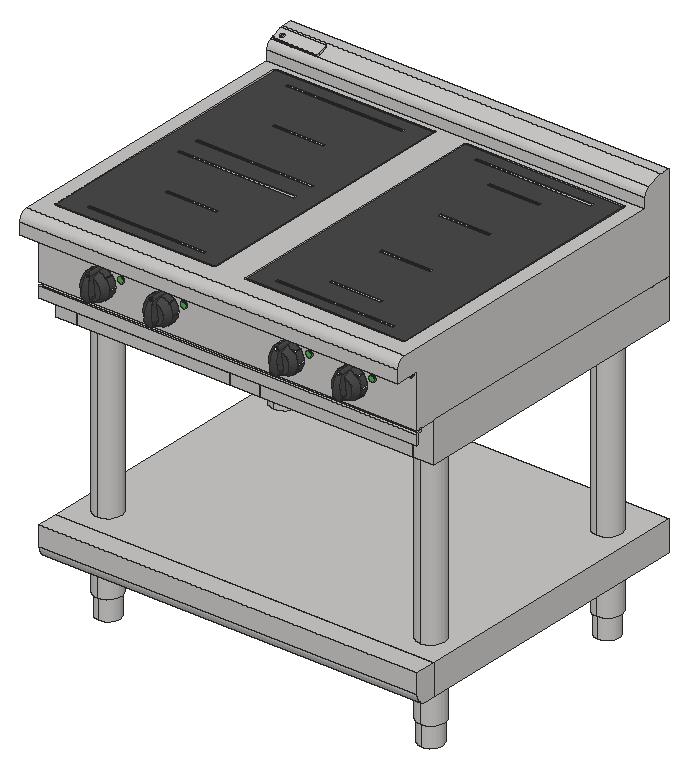
Revit family "QF_Moffat_INL8400R5F-LS_Induction Cooktop_cat", category Specialty Equipment, Revit 2019
Family settings
  Round Connector Dimension = Use Diameter
  Part Type = Normal
  Work Plane-Based = No
  Always vertical = Yes
  Cut with Voids When Loaded = No
  Shared = No
  Room Calculation Point = No
Parameters (values of type "IN511F-B")
  Weight in Kilograms = 105
  Watts = 20 W
  Volts = 400 V
  URL Cutsheet = ""
  Specification by User = ""
  Specification by Manufacturer = ""
  Show Logo [instance] = yes
  Serial Number = ""
  Seismic Rating = ""
  SMACNA No = ""
  Revision Code = ""
  Phase = 3
  Number of Poles = 1
  NAFEM Spec ID Number = ""
  Model = "INL8400R5F-LS"
  Min Ckt Ampacity = 0 A
  Max Overcurrent Protection = 0 A
  Masterspec = ""
  Manufacturer = "Moffat"
  Length = 900 mm
  Item Number = ""
  Installed By = ""
  Identify Quantity as Lot = yes
  Height = 970 mm
  HP = ""
  Furnished By = ""
  Foodservice Equipment Identifier = yes
  FL Amps = 28 A
  Electrical Remarks = ""
  Electric Connection Type = ""
  Elec Conn RI Height = 0 mm
  Elec Conn Connection Height = 0 mm
  Description = "Induction Cooktop"
  Depth = 805 mm
  Cycle = 50 Hz
  Conn Plug = ""
  Conn Conduit = yes
  CSI MasterFormat = ""
  Apparent Power = if(Phase = 3, Volts * FL Amps * 1.73, Volts * FL Amps)  # 19376 VA
Reference planes
  plane 1 "BACK": y = 0
  plane 2: z = 0
  plane 3 "LEFT": x = 0
  plane 4 "RIGHT": x = 900
  plane 5 "FRONT": y = -805
  plane 6 "TOP": z = 970
  plane 7 "Center Y": x = 450
  plane 8 "Center X": y = -402.5
  plane 9: x = 65.5
  plane 10: x = 834.5
  plane 11: y = -30
  plane 12: z = 150
  plane 13: y = -100
  plane 14: y = -625
  plane 15: y = -70
  plane 16: z = 915
  plane 17: x = 770
Forms (mm)
  Extrusion 1, solid, material "QF_Metal_Stainless_Polished"
    sketch origin (0, 0, 560) x (0, 1, 0) y (0, 0, 1)
      loop
        line (0, 180) -> (0, 410) -> (-24.305, 410) -> (-57.632, 395.853)
        arc (-57.632, 395.853) -> (-66.628, 388.372) -> (-70, 377.167) r 20.3
        line (-70, 377.167) -> (-70, 355) -> (-784.417, 355)
        arc (-784.417, 355) -> (-798.971, 348.971) -> (-805, 334.417) r 20.583
        line (-805, 334.417) -> (-805, 305) -> (-749, 305) -> (-749, 180) -> (0, 180)
    from 0 to 900
  Extrusion 2, void
    sketch origin (0, -784.171, 915) x (0, 1, 0) y (-1, 0, 0)
      loop
        arc (699.341, -37.323) -> (697.584, -33.08) -> (693.341, -31.323) r 6
        line (693.341, -31.323) -> (45.245, -31.323)
        arc (45.245, -31.323) -> (41.002, -33.08) -> (39.245, -37.323) r 6
        line (39.245, -37.323) -> (39.245, -410.105)
        arc (39.245, -410.105) -> (41.002, -414.347) -> (45.245, -416.105) r 6
        line (45.245, -416.105) -> (693.341, -416.105)
        arc (693.341, -416.105) -> (697.584, -414.347) -> (699.341, -410.105) r 6
        line (699.341, -410.105) -> (699.341, -37.323)
      loop
        line (699.341, -862.677) -> (699.341, -489.895)
        arc (699.341, -489.895) -> (697.584, -485.653) -> (693.341, -483.895) r 6
        line (693.341, -483.895) -> (45.245, -483.895)
        arc (45.245, -483.895) -> (41.002, -485.653) -> (39.245, -489.895) r 6
        line (39.245, -489.895) -> (39.245, -862.677)
        arc (39.245, -862.677) -> (41.002, -866.92) -> (45.245, -868.677) r 6
        line (45.245, -868.677) -> (693.341, -868.677)
        arc (693.341, -868.677) -> (697.584, -866.92) -> (699.341, -862.677) r 6
    from 0 to -9.5
  Extrusion 3, solid, material "QF_Plastic_Black_Smooth"
    sketch origin (0, -784.171, 915) x (0, 1, 0) y (-1, 0, 0)
      loop
        line (695.341, -410.105) -> (695.341, -37.323)
        arc (695.341, -37.323) -> (694.755, -35.908) -> (693.341, -35.323) r 2
        line (693.341, -35.323) -> (45.245, -35.323)
        arc (45.245, -35.323) -> (43.831, -35.908) -> (43.245, -37.323) r 2
        line (43.245, -37.323) -> (43.245, -410.105)
        arc (43.245, -410.105) -> (43.831, -411.519) -> (45.245, -412.105) r 2
        line (45.245, -412.105) -> (693.341, -412.105)
        arc (693.341, -412.105) -> (694.755, -411.519) -> (695.341, -410.105) r 2
      loop
        line (667.194, -86.598) -> (661.194, -86.598) -> (661.194, -363.75) -> (667.194, -363.75) -> (667.194, -86.598)
      loop
        line (526.611, -163.924) -> (526.611, -283.924) -> (532.611, -283.924) -> (532.611, -163.924) -> (526.611, -163.924)
      loop
        line (398.444, -86.598) -> (392.444, -86.598) -> (392.444, -363.75) -> (398.444, -363.75) -> (398.444, -86.598)
      loop
        line (345.944, -86.598) -> (339.944, -86.598) -> (339.944, -363.75) -> (345.944, -363.75) -> (345.944, -86.598)
      loop
        line (206.611, -163.924) -> (206.611, -283.924) -> (212.611, -283.924) -> (212.611, -163.924) -> (206.611, -163.924)
      loop
        line (77.194, -86.598) -> (71.194, -86.598) -> (71.194, -363.75) -> (77.194, -363.75) -> (77.194, -86.598)
      loop
        arc (695.341, -489.895) -> (694.755, -488.481) -> (693.341, -487.895) r 2
        line (693.341, -487.895) -> (45.245, -487.895)
        arc (45.245, -487.895) -> (43.831, -488.481) -> (43.245, -489.895) r 2
        line (43.245, -489.895) -> (43.245, -862.677)
        arc (43.245, -862.677) -> (43.831, -864.092) -> (45.245, -864.677) r 2
        line (45.245, -864.677) -> (693.341, -864.677)
        arc (693.341, -864.677) -> (694.755, -864.092) -> (695.341, -862.677) r 2
        line (695.341, -862.677) -> (695.341, -489.895)
      loop
        line (667.194, -813.402) -> (667.194, -536.25) -> (661.194, -536.25) -> (661.194, -813.402) -> (667.194, -813.402)
      loop
        line (601.611, -736.076) -> (607.611, -736.076) -> (607.611, -616.076) -> (601.611, -616.076) -> (601.611, -736.076)
      loop
        line (279.111, -736.076) -> (285.111, -736.076) -> (285.111, -616.076) -> (279.111, -616.076) -> (279.111, -736.076)
      loop
        line (77.194, -813.402) -> (77.194, -536.25) -> (71.194, -536.25) -> (71.194, -813.402) -> (77.194, -813.402)
      loop
        line (454.501, -736.076) -> (460.501, -736.076) -> (460.501, -616.076) -> (454.501, -616.076) -> (454.501, -736.076)
      loop
        line (131.211, -736.076) -> (137.211, -736.076) -> (137.211, -616.076) -> (131.211, -616.076) -> (131.211, -736.076)
    from 0 to -9.5
  Extrusion 4, solid, material "QF_Metal_Stainless_Polished"
    sketch origin (0, 0, 600) x (0, 1, 0) y (0, 0, 1)
      loop
        line (-739.467, 140) -> (-738.192, 134.838)
        arc (-738.192, 134.838) -> (-738.307, 134.302) -> (-738.799, 134.063) r 0.625
        line (-738.799, 134.063) -> (-746.111, 134.063)
        arc (-746.111, 134.063) -> (-748.011, 133.276) -> (-748.797, 131.377) r 2.686
        line (-748.797, 131.377) -> (-748.797, 107.627) -> (-747.197, 107.627) -> (-747.197, 131.242)
        arc (-747.197, 131.242) -> (-746.84, 132.105) -> (-745.976, 132.463) r 1.221
        line (-745.976, 132.463) -> (-738.755, 132.463)
        arc (-738.755, 132.463) -> (-737.028, 133.304) -> (-736.625, 135.182) r 2.194
        line (-736.625, 135.182) -> (-737.815, 140) -> (-739.467, 140)
    from 0 to 900
  Extrusion 5, solid, material "QF_Plastic_Black_Smooth"
    sketch origin (0, -749, 741.875) x (0, 0, 1) y (-1, 0, 0)
      loop
        circle (112.843, -13.157) r 5
      loop
        circle (112.843, -886.843) r 5
    from 0 to 1.6
  Extrusion 6, solid, material "QF_Metal_Stainless_Polished"
    sketch origin (450, -699, 645) x (0, 1, 0) y (1, 0, 0)
      loop
        circle (669, 320) r 6.35
    from 0 to 10
  Extrusion 7, solid, material "QF_Metal_Stainless_Polished"
    sketch origin (0, -699, 645) x (1, 0, 0) y (0, -1, 0)
      loop
        line (0, -699) -> (900, -699) -> (900, 0) -> (849.2, 0) -> (849.2, -25.4) -> (485.8, -25.4) -> (485.8, 0) -> (414.2, 0) -> (414.2, -25.4) -> (50.8, -25.4) -> (50.8, 0) -> (0, 0) -> (0, -699)
    from 0 to -95
  Extrusion 8, solid, material "QF_Metal_Stainless_Polished"
    sketch origin (50.8, -30, 645) x (0, 1, 0) y (0, 0, 1)
      loop
        line (-669, 0) -> (-643.6, 0) -> (-643.6, 26.45) -> (-669, 26.45) -> (-669, 0)
      loop
        line (-669, 32.45) -> (-643.6, 32.45) -> (-643.6, 66.4) -> (-669, 66.4) -> (-669, 32.45)
      loop
        line (-669, 67.4) -> (-643.6, 67.4) -> (-643.6, 95) -> (-669, 95) -> (-669, 67.4)
    from 0 to 363.4
  Extrusion 9, solid, material "QF_Metal_Stainless_Polished"
    sketch origin (900, 0, 560) x (-1, 0, 0) y (0, -1, 0)
      loop
        line (536.25, 122.976) -> (536.25, 116.976) -> (813.402, 116.976) -> (813.402, 122.976) -> (536.25, 122.976)
      loop
        line (736.076, 251.56) -> (736.076, 257.56) -> (616.076, 257.56) -> (616.076, 251.56) -> (736.076, 251.56)
      loop
        line (813.402, 385.726) -> (813.402, 391.726) -> (536.25, 391.726) -> (536.25, 385.726) -> (813.402, 385.726)
      loop
        line (813.402, 438.226) -> (813.402, 444.226) -> (536.25, 444.226) -> (536.25, 438.226) -> (813.402, 438.226)
      loop
        line (736.076, 571.56) -> (736.076, 577.56) -> (616.076, 577.56) -> (616.076, 571.56) -> (736.076, 571.56)
      loop
        line (536.25, 712.976) -> (536.25, 706.976) -> (813.402, 706.976) -> (813.402, 712.976) -> (536.25, 712.976)
      loop
        line (86.598, 712.976) -> (86.598, 706.976) -> (363.75, 706.976) -> (363.75, 712.976) -> (86.598, 712.976)
      loop
        line (163.924, 652.959) -> (163.924, 646.959) -> (283.924, 646.959) -> (283.924, 652.959) -> (163.924, 652.959)
      loop
        line (163.924, 505.06) -> (163.924, 499.06) -> (283.924, 499.06) -> (283.924, 505.06) -> (163.924, 505.06)
      loop
        line (163.924, 329.669) -> (163.924, 323.669) -> (283.924, 323.669) -> (283.924, 329.669) -> (163.924, 329.669)
      loop
        line (163.924, 182.56) -> (163.924, 176.56) -> (283.924, 176.56) -> (283.924, 182.56) -> (163.924, 182.56)
      loop
        line (86.598, 122.976) -> (86.598, 116.976) -> (363.75, 116.976) -> (363.75, 122.976) -> (86.598, 122.976)
    from 355 to 345.5
  Extrusion 10, solid, material "QF_Paint_Green"
    sketch origin (63.231, -748.999, 713.75) x (0, 0, 1) y (-1, 0, 0)
      loop
        circle (100.3, -282.5) r 7.15
    from 0 to 1.6
  Extrusion 11, solid, material "QF_Plastic_Black_Smooth"
    sketch origin (75, -748.999, 725.625) x (0, 0, 1) y (-1, 0, 0)
      loop
        circle (112.843, -225) r 5
    from 0 to 1.6
  Extrusion 12, solid, material "QF_Paint_Green"
    sketch origin (-86.769, -748.999, 713.75) x (0, 0, 1) y (-1, 0, 0)
      loop
        circle (100.3, -282.5) r 7.15
    from 0 to 1.6
  Extrusion 13, solid, material "QF_Plastic_Black_Smooth"
    sketch origin (-75, -748.999, 725.625) x (0, 0, 1) y (-1, 0, 0)
      loop
        circle (112.843, -225) r 5
    from 0 to 1.6
  Extrusion 14, solid, material "QF_Paint_Green"
    sketch origin (511.981, -748.999, 713.75) x (0, 0, 1) y (-1, 0, 0)
      loop
        circle (100.3, -282.5) r 7.15
    from 0 to 1.6
  Extrusion 15, solid, material "QF_Plastic_Black_Smooth"
    sketch origin (523.75, -748.999, 725.625) x (0, 0, 1) y (-1, 0, 0)
      loop
        circle (112.843, -225) r 5
    from 0 to 1.6
  Extrusion 16, solid, material "QF_Paint_Green"
    sketch origin (361.981, -748.999, 713.75) x (0, 0, 1) y (-1, 0, 0)
      loop
        circle (100.3, -282.5) r 7.15
    from 0 to 1.6
  Extrusion 17, solid, material "QF_Plastic_Black_Smooth"
    sketch origin (373.75, -748.999, 725.625) x (0, 0, 1) y (-1, 0, 0)
      loop
        circle (112.843, -225) r 5
    from 0 to 1.6
  Extrusion 18, solid, material "QF_Metal_Stainless_Polished"
    sketch origin (849.2, -30, 645) x (0, 1, 0) y (0, 0, -1)
      loop
        line (-669, 0) -> (-669, -26.45) -> (-643.6, -26.45) -> (-643.6, 0) -> (-669, 0)
      loop
        line (-669, -32.45) -> (-669, -66.4) -> (-643.6, -66.4) -> (-643.6, -32.45) -> (-669, -32.45)
      loop
        line (-669, -67.4) -> (-669, -95) -> (-643.6, -95) -> (-643.6, -67.4) -> (-669, -67.4)
    from 0 to 363.4
Cuts and joins
  Extrusion 2 cuts Extrusion 1
Lines and regions (mm)
  symbolic lines
    curve 1: line (0, 0, 0) -> (900, 0, 0)
    curve 2: line (0, -805, 0) -> (0, 0, 0)
    curve 3: line (900, -805, 0) -> (0, -805, 0)
    curve 4: line (900, 0, 0) -> (900, -805, 0)
    curve 5: line (0, -18.182, 0) -> (900, -18.182, 0)
    curve 6: line (0, -70, 0) -> (450, -70, 0)
    curve 7: line (37.323, -84.83, 0) -> (410.105, -84.83, 0)
    curve 8: arc (410.105, -84.83, 0) -> (414.347, -86.587, 0) -> (416.105, -90.83, 0) r 6
    curve 9: line (416.105, -90.83, 0) -> (416.105, -738.926, 0)
    curve 10: arc (416.105, -738.926, 0) -> (414.347, -743.168, 0) -> (410.105, -744.926, 0) r 6
    curve 11: line (410.105, -744.926, 0) -> (37.323, -744.926, 0)
    curve 12: arc (37.323, -744.926, 0) -> (33.08, -743.168, 0) -> (31.323, -738.926, 0) r 6
    curve 13: line (31.323, -738.926, 0) -> (31.323, -90.83, 0)
    curve 14: arc (31.323, -90.83, 0) -> (33.08, -86.587, 0) -> (37.323, -84.83, 0) r 6
    curve 15: line (410.105, -88.83, 0) -> (37.323, -88.83, 0)
    curve 16: arc (37.323, -88.83, 0) -> (35.908, -89.415, 0) -> (35.323, -90.83, 0) r 2
    curve 17: line (35.323, -90.83, 0) -> (35.323, -738.926, 0)
    curve 18: arc (35.323, -738.926, 0) -> (35.908, -740.34, 0) -> (37.323, -740.926, 0) r 2
    curve 19: line (37.323, -740.926, 0) -> (410.105, -740.926, 0)
    curve 20: arc (410.105, -740.926, 0) -> (411.519, -740.34, 0) -> (412.105, -738.926, 0) r 2
    curve 21: line (412.105, -738.926, 0) -> (412.105, -90.83, 0)
    curve 22: arc (412.105, -90.83, 0) -> (411.519, -89.415, 0) -> (410.105, -88.83, 0) r 2
    curve 23: line (416.105, -738.926, 0) -> (416.105, -90.83, 0)
    curve 24: line (412.105, -90.83, 0) -> (412.105, -738.926, 0)
    curve 25: line (862.677, -84.83, 0) -> (489.895, -84.83, 0)
    curve 26: arc (489.895, -84.83, 0) -> (485.653, -86.587, 0) -> (483.895, -90.83, 0) r 6
    curve 27: arc (483.895, -738.926, 0) -> (485.653, -743.168, 0) -> (489.895, -744.926, 0) r 6
    curve 28: line (489.895, -744.926, 0) -> (862.677, -744.926, 0)
    curve 29: arc (862.677, -744.926, 0) -> (866.92, -743.168, 0) -> (868.677, -738.926, 0) r 6
    curve 30: line (868.677, -738.926, 0) -> (868.677, -90.83, 0)
    curve 31: arc (868.677, -90.83, 0) -> (866.92, -86.587, 0) -> (862.677, -84.83, 0) r 6
    curve 32: line (489.895, -88.83, 0) -> (862.677, -88.83, 0)
    curve 33: arc (862.677, -88.83, 0) -> (864.092, -89.415, 0) -> (864.677, -90.83, 0) r 2
    curve 34: line (864.677, -90.83, 0) -> (864.677, -738.926, 0)
    curve 35: arc (864.677, -738.926, 0) -> (864.092, -740.34, 0) -> (862.677, -740.926, 0) r 2
    curve 36: line (862.677, -740.926, 0) -> (489.895, -740.926, 0)
    curve 37: arc (489.895, -740.926, 0) -> (488.481, -740.34, 0) -> (487.895, -738.926, 0) r 2
    curve 38: arc (487.895, -90.83, 0) -> (488.481, -89.415, 0) -> (489.895, -88.83, 0) r 2
    curve 39: line (487.895, -90.83, 0) -> (487.895, -738.926, 0)
    curve 40: arc (487.895, -738.926, 0) -> (488.481, -740.34, 0) -> (489.895, -740.926, 0) r 2
    curve 41: line (489.895, -740.926, 0) -> (862.677, -740.926, 0)
    curve 42: arc (862.677, -740.926, 0) -> (864.092, -740.34, 0) -> (864.677, -738.926, 0) r 2
    curve 43: line (864.677, -738.926, 0) -> (864.677, -90.83, 0)
    curve 44: arc (864.677, -90.83, 0) -> (864.092, -89.415, 0) -> (862.677, -88.83, 0) r 2
    curve 45: line (862.677, -88.83, 0) -> (489.895, -88.83, 0)
    curve 46: arc (489.895, -88.83, 0) -> (488.481, -89.415, 0) -> (487.895, -90.83, 0) r 2
    curve 47: line (483.895, -90.83, 0) -> (483.895, -738.926, 0)
    curve 48: arc (483.895, -738.926, 0) -> (485.653, -743.168, 0) -> (489.895, -744.926, 0) r 6
    curve 49: line (489.895, -744.926, 0) -> (862.677, -744.926, 0)
    curve 50: arc (862.677, -744.926, 0) -> (866.92, -743.168, 0) -> (868.677, -738.926, 0) r 6
    curve 51: line (868.677, -738.926, 0) -> (868.677, -90.83, 0)
    curve 52: arc (868.677, -90.83, 0) -> (866.92, -86.587, 0) -> (862.677, -84.83, 0) r 6
    curve 53: line (862.677, -84.83, 0) -> (489.895, -84.83, 0)
    curve 54: arc (489.895, -84.83, 0) -> (485.653, -86.587, 0) -> (483.895, -90.83, 0) r 6
    curve 55: line (86.598, -122.976, 0) -> (363.75, -122.976, 0)
    curve 56: line (363.75, -122.976, 0) -> (363.75, -116.976, 0)
    curve 57: line (363.75, -116.976, 0) -> (86.598, -116.976, 0)
    curve 58: line (86.598, -116.976, 0) -> (86.598, -122.976, 0)
    curve 59: line (283.924, -251.56, 0) -> (163.924, -251.56, 0)
    curve 60: line (163.924, -251.56, 0) -> (163.924, -257.56, 0)
    curve 61: line (163.924, -257.56, 0) -> (283.924, -257.56, 0)
    curve 62: line (283.924, -257.56, 0) -> (283.924, -251.56, 0)
    curve 63: line (536.25, -122.976, 0) -> (813.402, -122.976, 0)
    curve 64: line (813.402, -122.976, 0) -> (813.402, -116.976, 0)
    curve 65: line (813.402, -116.976, 0) -> (536.25, -116.976, 0)
    curve 66: line (536.25, -116.976, 0) -> (536.25, -122.976, 0)
    curve 67: line (736.076, -176.56, 0) -> (616.076, -176.56, 0)
    curve 68: line (616.076, -176.56, 0) -> (616.076, -182.56, 0)
    curve 69: line (616.076, -182.56, 0) -> (736.076, -182.56, 0)
    curve 70: line (736.076, -182.56, 0) -> (736.076, -176.56, 0)
    curve 71: line (736.076, -323.669, 0) -> (616.076, -323.669, 0)
    curve 72: line (616.076, -323.669, 0) -> (616.076, -329.669, 0)
    curve 73: line (616.076, -329.669, 0) -> (736.076, -329.669, 0)
    curve 74: line (736.076, -329.669, 0) -> (736.076, -323.669, 0)
    curve 75: line (736.076, -499.06, 0) -> (616.076, -499.06, 0)
    curve 76: line (616.076, -499.06, 0) -> (616.076, -505.06, 0)
    curve 77: line (616.076, -505.06, 0) -> (736.076, -505.06, 0)
    curve 78: line (736.076, -505.06, 0) -> (736.076, -499.06, 0)
    curve 79: line (736.076, -646.959, 0) -> (616.076, -646.959, 0)
    curve 80: line (616.076, -646.959, 0) -> (616.076, -652.959, 0)
    curve 81: line (616.076, -652.959, 0) -> (736.076, -652.959, 0)
    curve 82: line (736.076, -652.959, 0) -> (736.076, -646.959, 0)
    curve 83: line (813.402, -706.976, 0) -> (536.25, -706.976, 0)
    curve 84: line (536.25, -706.976, 0) -> (536.25, -712.976, 0)
    curve 85: line (536.25, -712.976, 0) -> (813.402, -712.976, 0)
    curve 86: line (813.402, -712.976, 0) -> (813.402, -706.976, 0)
    curve 87: line (86.598, -712.976, 0) -> (363.75, -712.976, 0)
    curve 88: line (363.75, -712.976, 0) -> (363.75, -706.976, 0)
    curve 89: line (363.75, -706.976, 0) -> (86.598, -706.976, 0)
    curve 90: line (86.598, -706.976, 0) -> (86.598, -712.976, 0)
    curve 91: line (283.924, -577.56, 0) -> (163.924, -577.56, 0)
    curve 92: line (163.924, -577.56, 0) -> (163.924, -571.56, 0)
    curve 93: line (163.924, -571.56, 0) -> (283.924, -571.56, 0)
    curve 94: line (283.924, -571.56, 0) -> (283.924, -577.56, 0)
    curve 95: line (86.598, -444.226, 0) -> (363.75, -444.226, 0)
    curve 96: line (363.75, -444.226, 0) -> (363.75, -438.226, 0)
    curve 97: line (363.75, -438.226, 0) -> (86.598, -438.226, 0)
    curve 98: line (86.598, -438.226, 0) -> (86.598, -444.226, 0)
    curve 99: line (86.598, -391.726, 0) -> (363.75, -391.726, 0)
    curve 100: line (363.75, -391.726, 0) -> (363.75, -385.726, 0)
    curve 101: line (363.75, -385.726, 0) -> (86.598, -385.726, 0)
    curve 102: line (86.598, -385.726, 0) -> (86.598, -391.726, 0)
    curve 103: line (0, 0, 560) -> (900, 0, 560)
    curve 104: line (0, -805, 560) -> (0, 0, 560)
    curve 105: line (900, -805, 560) -> (0, -805, 560)
    curve 106: line (900, 0, 560) -> (900, -805, 560)
    curve 107: line (0, -18.182, 560) -> (900, -18.182, 560)
    curve 108: line (0, -70, 560) -> (450, -70, 560)
    curve 109: line (416.105, -90.83, 560) -> (416.105, -738.926, 560)
    curve 110: line (412.105, -738.926, 560) -> (412.105, -90.83, 560)
    curve 111: line (416.105, -738.926, 560) -> (416.105, -90.83, 560)
    curve 112: line (412.105, -90.83, 560) -> (412.105, -738.926, 560)
    curve 113: line (862.677, -84.83, 560) -> (489.895, -84.83, 560)
    curve 114: arc (483.895, -738.926, 560) -> (485.653, -743.168, 560) -> (489.895, -744.926, 560) r 6
    curve 115: line (489.895, -744.926, 560) -> (862.677, -744.926, 560)
    curve 116: arc (862.677, -744.926, 560) -> (866.92, -743.168, 560) -> (868.677, -738.926, 560) r 6
    curve 117: arc (864.677, -738.926, 560) -> (864.092, -740.34, 560) -> (862.677, -740.926, 560) r 2
    curve 118: line (862.677, -740.926, 560) -> (489.895, -740.926, 560)
    curve 119: arc (489.895, -740.926, 560) -> (488.481, -740.34, 560) -> (487.895, -738.926, 560) r 2
    curve 120: arc (487.895, -738.926, 560) -> (488.481, -740.34, 560) -> (489.895, -740.926, 560) r 2
    curve 121: line (489.895, -740.926, 560) -> (862.677, -740.926, 560)
    curve 122: arc (862.677, -740.926, 560) -> (864.092, -740.34, 560) -> (864.677, -738.926, 560) r 2
    curve 123: arc (483.895, -738.926, 560) -> (485.653, -743.168, 560) -> (489.895, -744.926, 560) r 6
    curve 124: line (489.895, -744.926, 560) -> (862.677, -744.926, 560)
    curve 125: arc (862.677, -744.926, 560) -> (866.92, -743.168, 560) -> (868.677, -738.926, 560) r 6
    curve 126: line (86.598, -122.976, 560) -> (363.75, -122.976, 560)
    curve 127: line (363.75, -122.976, 560) -> (363.75, -116.976, 560)
    curve 128: line (363.75, -116.976, 560) -> (86.598, -116.976, 560)
    curve 129: line (86.598, -116.976, 560) -> (86.598, -122.976, 560)
    curve 130: line (283.924, -251.56, 560) -> (163.924, -251.56, 560)
    curve 131: line (163.924, -251.56, 560) -> (163.924, -257.56, 560)
    curve 132: line (163.924, -257.56, 560) -> (283.924, -257.56, 560)
    curve 133: line (283.924, -257.56, 560) -> (283.924, -251.56, 560)
    curve 134: line (536.25, -122.976, 560) -> (813.402, -122.976, 560)
    curve 135: line (813.402, -122.976, 560) -> (813.402, -116.976, 560)
    curve 136: line (813.402, -116.976, 560) -> (536.25, -116.976, 560)
    curve 137: line (536.25, -116.976, 560) -> (536.25, -122.976, 560)
    curve 138: line (736.076, -176.56, 560) -> (616.076, -176.56, 560)
    curve 139: line (616.076, -176.56, 560) -> (616.076, -182.56, 560)
    curve 140: line (616.076, -182.56, 560) -> (736.076, -182.56, 560)
    curve 141: line (736.076, -182.56, 560) -> (736.076, -176.56, 560)
    curve 142: line (736.076, -323.669, 560) -> (616.076, -323.669, 560)
    curve 143: line (616.076, -323.669, 560) -> (616.076, -329.669, 560)
    curve 144: line (616.076, -329.669, 560) -> (736.076, -329.669, 560)
    curve 145: line (736.076, -329.669, 560) -> (736.076, -323.669, 560)
    curve 146: line (736.076, -499.06, 560) -> (616.076, -499.06, 560)
    curve 147: line (616.076, -499.06, 560) -> (616.076, -505.06, 560)
    curve 148: line (616.076, -505.06, 560) -> (736.076, -505.06, 560)
    curve 149: line (736.076, -505.06, 560) -> (736.076, -499.06, 560)
    curve 150: line (736.076, -646.959, 560) -> (616.076, -646.959, 560)
    curve 151: line (616.076, -646.959, 560) -> (616.076, -652.959, 560)
    curve 152: line (616.076, -652.959, 560) -> (736.076, -652.959, 560)
    curve 153: line (736.076, -652.959, 560) -> (736.076, -646.959, 560)
    curve 154: line (813.402, -706.976, 560) -> (536.25, -706.976, 560)
    curve 155: line (536.25, -706.976, 560) -> (536.25, -712.976, 560)
    curve 156: line (536.25, -712.976, 560) -> (813.402, -712.976, 560)
    curve 157: line (813.402, -712.976, 560) -> (813.402, -706.976, 560)
    curve 158: line (86.598, -712.976, 560) -> (363.75, -712.976, 560)
    curve 159: line (363.75, -712.976, 560) -> (363.75, -706.976, 560)
    curve 160: line (363.75, -706.976, 560) -> (86.598, -706.976, 560)
    curve 161: line (86.598, -706.976, 560) -> (86.598, -712.976, 560)
    curve 162: line (283.924, -577.56, 560) -> (163.924, -577.56, 560)
    curve 163: line (163.924, -577.56, 560) -> (163.924, -571.56, 560)
    curve 164: line (163.924, -571.56, 560) -> (283.924, -571.56, 560)
    curve 165: line (283.924, -571.56, 560) -> (283.924, -577.56, 560)
    curve 166: line (86.598, -444.226, 560) -> (363.75, -444.226, 560)
    curve 167: line (363.75, -444.226, 560) -> (363.75, -438.226, 560)
    curve 168: line (363.75, -438.226, 560) -> (86.598, -438.226, 560)
    curve 169: line (86.598, -438.226, 560) -> (86.598, -444.226, 560)
    curve 170: line (86.598, -391.726, 560) -> (363.75, -391.726, 560)
    curve 171: line (363.75, -391.726, 560) -> (363.75, -385.726, 560)
    curve 172: line (363.75, -385.726, 560) -> (86.598, -385.726, 560)
    curve 173: line (86.598, -385.726, 560) -> (86.598, -391.726, 560)
Dimensions and locks
  equal spacing: plane 3 "LEFT", plane 7 "Center Y", plane 4 "RIGHT"
  "Length": plane 3 "LEFT" to plane 4 "RIGHT"
  equal spacing: plane 5 "FRONT", plane 8 "Center X", plane 1 "BACK"
  "Depth": plane 5 "FRONT" to plane 1 "BACK"
  "Height": plane 6 "TOP" to level
  plane 9 to plane 10 = 769 mm
  plane 4 "RIGHT" to plane 3 "LEFT" = 900 mm
  plane 6 "TOP" to plane 2 = 970 mm
  plane 1 "BACK" to plane 11 = 30 mm
  plane 1 "BACK" to plane 13 to plane 14 = 100 mm, 525 mm
  plane 1 "BACK" to plane 15 = 70 mm
  plane 16 to level = 915 mm  (x2)
  level to plane 12 = 150 mm
  plane 12 to level = 150 mm
  plane 4 "RIGHT" to plane 17 = 130 mm
  plane 1 "BACK" to plane 5 "FRONT" = 805 mm
  locked: plane 10 to plane 4 "RIGHT" at 65.5
  aligned and locked: level to plane 2
  aligned and locked: plane 7 "Center Y" to nested 1
  aligned and locked: plane 8 "Center X" to nested 1
  aligned and locked: Extrusion 18 to Extrusion 7  (x2)
Automatic sketch dimensions
  curve 8 to curve 22 = 0 mm  (x2)
  curve 10 to curve 20 = 0 mm  (x2)
  curve 12 to curve 18 = 0 mm  (x2)
  curve 14 to curve 16 = 0 mm  (x2)
  curve 26 to curve 38 = 0 mm  (x2)
  curve 26 to curve 46 = 0 mm  (x2)
  curve 26 to curve 54 = 0 mm  (x2)
  curve 27 to curve 37 = 0 mm  (x2)
  curve 27 to curve 40 = 0 mm  (x2)
  curve 27 to curve 48 = 0 mm  (x2)
  curve 29 to curve 35 = 0 mm  (x2)
  curve 29 to curve 42 = 0 mm  (x2)
  curve 29 to curve 50 = 0 mm  (x2)
  curve 31 to curve 33 = 0 mm  (x2)
  curve 31 to curve 44 = 0 mm  (x2)
  curve 31 to curve 52 = 0 mm  (x2)
  curve 33 to curve 44 = 0 mm  (x2)
  curve 33 to curve 52 = 0 mm  (x2)
  curve 35 to curve 42 = 0 mm  (x2)
  curve 35 to curve 50 = 0 mm  (x2)
  curve 37 to curve 40 = 0 mm  (x2)
  curve 37 to curve 48 = 0 mm  (x2)
  curve 38 to curve 46 = 0 mm  (x2)
  curve 38 to curve 54 = 0 mm  (x2)
  curve 40 to curve 48 = 0 mm  (x2)
  curve 42 to curve 50 = 0 mm  (x2)
  curve 44 to curve 52 = 0 mm  (x2)
  curve 46 to curve 54 = 0 mm  (x2)
  plane 1 "BACK" to curve 1 = 0 mm
  curve 1 to plane 3 "LEFT" = 0 mm
  curve 6 to plane 7 "Center Y" = 0 mm
  curve 5 to plane 4 "RIGHT" = 0 mm
  plane 5 "FRONT" to curve 3 = 0 mm
  plane 15 to curve 6 = 0 mm
  plane 3 "LEFT" to curve 13 = 31.323 mm
  curve 13 to curve 17 = 4 mm
  curve 17 to curve 16 = 2 mm
  curve 17 to curve 18 = 2 mm
  curve 102 to plane 9 = 21.098 mm
  curve 57 to plane 9 = 21.098 mm
  curve 87 to plane 9 = 21.098 mm
  curve 95 to plane 9 = 21.098 mm
  curve 91 to plane 14 = 47.44 mm
  curve 91 to plane 9 = 98.424 mm
  curve 60 to plane 9 = 98.424 mm
  curve 60 to curve 61 = 120 mm
  curve 93 to plane 14 = 53.44 mm
  curve 92 to curve 93 = 120 mm
  curve 96 to plane 8 "Center X" = 41.726 mm
  curve 96 to plane 7 "Center Y" = 86.25 mm
  plane 8 "Center X" to curve 99 = 10.774 mm
  curve 99 to curve 96 = 0 mm
  plane 13 to curve 56 = 16.976 mm
  curve 56 to plane 7 "Center Y" = 86.25 mm
  curve 89 to plane 7 "Center Y" = 86.25 mm
  curve 8 to plane 13 = 9.17 mm
  curve 8 to plane 7 "Center Y" = 39.895 mm
  curve 10 to plane 7 "Center Y" = 39.895 mm
  curve 8 to curve 21 = 2 mm
  plane 7 "Center Y" to curve 47 = 33.895 mm
  curve 27 to curve 39 = 4 mm
  curve 38 to curve 46 = 2 mm
  curve 37 to curve 36 = 2 mm
  plane 13 to curve 66 = 22.976 mm
  curve 26 to curve 66 = 46.355 mm
  curve 27 to curve 85 = 46.355 mm
  curve 63 to curve 67 = 79.826 mm
  curve 77 to plane 17 = 153.924 mm
  plane 14 to curve 80 = 21.959 mm
  curve 83 to curve 80 = 79.826 mm
  plane 8 "Center X" to curve 73 = 72.831 mm
  curve 73 to curve 68 = 0 mm
  curve 77 to plane 17 = 33.924 mm
  curve 67 to plane 17 = 33.924 mm
  curve 71 to plane 17 = 33.924 mm
  curve 79 to plane 17 = 33.924 mm
  plane 10 to curve 63 = 21.098 mm
  plane 10 to curve 85 = 21.098 mm
  curve 42 to plane 10 = 28.177 mm
  curve 32 to plane 13 = 11.17 mm
  curve 32 to plane 10 = 28.177 mm
  curve 31 to curve 34 = 2 mm
  curve 49 to plane 5 "FRONT" = 60.074 mm
  curve 11 to plane 5 "FRONT" = 60.074 mm
  curve 27 to curve 84 = 25.949 mm
  curve 10 to curve 87 = 25.949 mm
  curve 85 to curve 83 = 6 mm
  curve 87 to curve 90 = 6 mm
  curve 81 to curve 79 = 6 mm
  curve 78 to plane 8 "Center X" = 102.56 mm
  curve 77 to curve 75 = 6 mm
  curve 95 to curve 98 = 6 mm
  curve 99 to curve 100 = 6 mm
  curve 73 to curve 74 = 6 mm
  plane 8 "Center X" to curve 62 = 144.94 mm
  curve 61 to curve 62 = 6 mm
  plane 13 to curve 70 = 82.56 mm
  curve 68 to curve 68 = 6 mm
  curve 58 to curve 57 = 6 mm
  curve 63 to curve 65 = 6 mm
  curve 5 to plane 11 = 11.818 mm
  Extrusion 2 sketch curve to Extrusion 1 = 39.492 mm  (x2)
  Extrusion 2 sketch curve to Extrusion 2 sketch curve = 6 mm  (x6)
  Extrusion 1 to Extrusion 2 sketch curve = 20.83 mm  (x4)
  Extrusion 1 to Extrusion 2 sketch curve = 31.323 mm
  Extrusion 2 sketch curve to Extrusion 2 sketch curve = 372.782 mm
  Extrusion 2 sketch curve to Extrusion 2 sketch curve = 67.791 mm
  Extrusion 1 to Extrusion 2 sketch curve = 37.323 mm
  Extrusion 3 sketch curve to Extrusion 1 = 43.492 mm  (x2)
  Extrusion 3 sketch curve to Extrusion 3 sketch curve = 2 mm  (x6)
  Extrusion 3 sketch curve to Extrusion 3 sketch curve = 25.949 mm  (x2)
  Extrusion 3 sketch curve to Extrusion 3 sketch curve = 6 mm  (x12)
  Extrusion 3 sketch curve to Extrusion 3 sketch curve = 54.017 mm
  Extrusion 3 sketch curve to Extrusion 3 sketch curve = 129.416 mm
  Extrusion 3 sketch curve to Extrusion 3 sketch curve = 141.899 mm
  Extrusion 3 sketch curve to Extrusion 3 sketch curve = 127.334 mm
  Extrusion 3 sketch curve to Extrusion 3 sketch curve = 46.5 mm
  Extrusion 3 sketch curve to Extrusion 3 sketch curve = 169.391 mm
  Extrusion 3 sketch curve to Extrusion 3 sketch curve = 128.166 mm
  Extrusion 1 to Extrusion 3 sketch curve = 112.56 mm
  Extrusion 1 to Extrusion 3 sketch curve = 52.976 mm  (x2)
  Extrusion 1 to Extrusion 3 sketch curve = 20.83 mm  (x4)
  Extrusion 1 to Extrusion 3 sketch curve = 35.323 mm
  Extrusion 3 sketch curve to Extrusion 3 sketch curve = 49.275 mm  (x2)
  Extrusion 3 sketch curve to Extrusion 3 sketch curve = 77.326 mm  (x2)
  Extrusion 1 to Extrusion 3 sketch curve = 163.924 mm
  Extrusion 3 sketch curve to Extrusion 3 sketch curve = 0 mm  (x3)
  Extrusion 3 sketch curve to Extrusion 3 sketch curve = 120 mm  (x6)
  Extrusion 3 sketch curve to Extrusion 3 sketch curve = 79.826 mm  (x4)
  Extrusion 3 sketch curve to Extrusion 3 sketch curve = 46.355 mm  (x3)
  Extrusion 3 sketch curve to Extrusion 3 sketch curve = 75.791 mm
  Extrusion 3 sketch curve to Extrusion 3 sketch curve = 252.326 mm
  Extrusion 1 to Extrusion 3 sketch curve = 86.598 mm  (x3)
  Extrusion 1 to Extrusion 3 sketch curve = 37.323 mm
  Extrusion 4 sketch curve to plane 5 "FRONT" = 56.203 mm
  Extrusion 4 sketch curve to Extrusion 4 sketch curve = 1.6 mm
  Extrusion 4 sketch curve to Extrusion 4 sketch curve = 1.086 mm
  Extrusion 4 sketch curve to Extrusion 4 sketch curve = 0.135 mm  (x2)
  Extrusion 4 sketch curve to Extrusion 4 sketch curve = 6.644 mm
  Extrusion 4 sketch curve to Extrusion 4 sketch curve = 0.668 mm
  Extrusion 4 sketch curve to Extrusion 4 sketch curve = 0.044 mm
  Extrusion 4 sketch curve to Extrusion 4 sketch curve = 0.563 mm
  Extrusion 4 sketch curve to Extrusion 4 sketch curve = 1.652 mm
  Extrusion 4 sketch curve to Extrusion 4 sketch curve = 1.567 mm
  Extrusion 4 sketch curve to plane 16 = 207.373 mm
  Extrusion 4 sketch curve to Extrusion 4 sketch curve = 23.614 mm
  Extrusion 4 sketch curve to Extrusion 4 sketch curve = 0.594 mm
  Extrusion 4 sketch curve to Extrusion 4 sketch curve = 0.032 mm
  Extrusion 4 sketch curve to Extrusion 4 sketch curve = 5.162 mm
  Extrusion 1 to Extrusion 5 sketch curve = 10.282 mm  (x2)
  Extrusion 1 to Extrusion 5 sketch curve = 13.157 mm  (x2)
  Extrusion 7 to Extrusion 6 sketch curve = 30 mm
  Extrusion 6 sketch curve to Extrusion 7 = 79.2 mm
  Extrusion 7 sketch curve to plane 3 "LEFT" = 0 mm
  Extrusion 7 sketch curve to plane 4 "RIGHT" = 0 mm
  plane 1 "BACK" to Extrusion 7 sketch curve = 0 mm
  plane 9 to Extrusion 7 sketch curve = 14.7 mm
  Extrusion 7 sketch curve to plane 7 "Center Y" = 35.8 mm
  plane 7 "Center Y" to Extrusion 7 sketch curve = 35.8 mm
  Extrusion 7 sketch curve to plane 10 = 14.7 mm
  plane 14 to Extrusion 7 sketch curve = 48.6 mm  (x2)
  Extrusion 7 sketch curve to Extrusion 7 sketch curve = 25.4 mm  (x3)
  Extrusion 8 sketch curve to Extrusion 7 = 0 mm  (x8)
  Extrusion 7 to Extrusion 8 sketch curve = 26.45 mm
  Extrusion 8 sketch curve to Extrusion 8 sketch curve = 6 mm
  Extrusion 7 to Extrusion 8 sketch curve = 28.6 mm
  Extrusion 8 sketch curve to Extrusion 8 sketch curve = 1 mm
  Extrusion 9 sketch curve to plane 10 = 21.098 mm  (x2)
  plane 17 to Extrusion 9 sketch curve = 33.924 mm  (x4)
  Extrusion 9 sketch curve to Extrusion 9 sketch curve = 120 mm  (x4)
  Extrusion 9 sketch curve to plane 14 = 21.959 mm
  Extrusion 9 sketch curve to plane 7 "Center Y" = 86.25 mm  (x2)
  Extrusion 9 sketch curve to plane 13 = 16.976 mm
  Extrusion 9 sketch curve to plane 13 = 22.976 mm
  plane 7 "Center Y" to Extrusion 9 sketch curve = 86.25 mm  (x3)
  Extrusion 9 sketch curve to plane 8 "Center X" = 10.774 mm
  Extrusion 9 sketch curve to Extrusion 9 sketch curve = 0 mm
  Extrusion 9 sketch curve to Extrusion 9 sketch curve = 79.826 mm  (x2)
  plane 14 to Extrusion 9 sketch curve = 53.44 mm
  plane 9 to Extrusion 9 sketch curve = 98.424 mm  (x2)
  plane 9 to Extrusion 9 sketch curve = 21.098 mm  (x4)
  Extrusion 9 sketch curve to Extrusion 9 sketch curve = 6 mm  (x12)
  Extrusion 9 sketch curve to plane 14 = 81.976 mm  (x2)
  plane 8 "Center X" to Extrusion 9 sketch curve = 102.56 mm
  plane 8 "Center X" to Extrusion 9 sketch curve = 41.726 mm
  Extrusion 9 sketch curve to plane 8 "Center X" = 72.831 mm
  Extrusion 9 sketch curve to plane 8 "Center X" = 144.94 mm
  Extrusion 9 sketch curve to plane 13 = 82.56 mm
  Extrusion 10 sketch curve to plane 16 = 100.95 mm
  Extrusion 10 sketch curve to plane 7 "Center Y" = 104.269 mm
  Extrusion 11 sketch curve to plane 16 = 76.532 mm
  Extrusion 11 sketch curve to plane 7 "Center Y" = 150 mm
  Extrusion 12 sketch curve to plane 16 = 100.95 mm
  Extrusion 12 sketch curve to plane 9 = 130.231 mm
  Extrusion 13 sketch curve to plane 16 = 76.532 mm
  Extrusion 13 sketch curve to plane 9 = 84.5 mm
  plane 17 to Extrusion 14 sketch curve = 24.481 mm
  Extrusion 14 sketch curve to plane 16 = 100.95 mm
  Extrusion 15 sketch curve to plane 17 = 21.25 mm
  Extrusion 15 sketch curve to plane 16 = 76.532 mm
  Extrusion 16 sketch curve to plane 16 = 100.95 mm
  Extrusion 16 sketch curve to plane 17 = 125.519 mm
  Extrusion 17 sketch curve to plane 16 = 76.532 mm
  plane 7 "Center Y" to Extrusion 17 sketch curve = 148.75 mm
  plane 14 to Extrusion 18 sketch curve = 74 mm
  Extrusion 18 sketch curve to Extrusion 18 sketch curve = 0 mm  (x4)
  Extrusion 18 sketch curve to Extrusion 18 sketch curve = 25.4 mm
  Extrusion 18 sketch curve to plane 16 = 175 mm
  Extrusion 18 sketch curve to Extrusion 18 sketch curve = 27.6 mm
  Extrusion 18 sketch curve to Extrusion 18 sketch curve = 1 mm
  Extrusion 18 sketch curve to Extrusion 18 sketch curve = 33.95 mm
  Extrusion 18 sketch curve to Extrusion 18 sketch curve = 6 mm
  Extrusion 18 sketch curve to Extrusion 18 sketch curve = 26.45 mm
  curve 114 to curve 119 = 0 mm  (x3)
  curve 114 to curve 120 = 0 mm  (x3)
  curve 116 to curve 117 = 0 mm  (x2)
  curve 122 to curve 125 = 0 mm  (x2)
  plane 1 "BACK" to curve 103 = 0 mm
  curve 103 to plane 3 "LEFT" = 0 mm
  curve 108 to plane 7 "Center Y" = 0 mm
  curve 107 to plane 4 "RIGHT" = 0 mm
  plane 5 "FRONT" to curve 105 = 0 mm
  plane 15 to curve 108 = 0 mm
  curve 173 to plane 9 = 21.098 mm
  curve 128 to plane 9 = 21.098 mm
  curve 158 to plane 9 = 21.098 mm
  curve 166 to plane 9 = 21.098 mm
  curve 162 to plane 14 = 47.44 mm
  curve 162 to plane 9 = 98.424 mm
  curve 131 to plane 9 = 98.424 mm
  curve 131 to curve 132 = 120 mm
  curve 164 to plane 14 = 53.44 mm
  curve 163 to curve 164 = 120 mm
  curve 167 to plane 8 "Center X" = 41.726 mm
  curve 167 to plane 7 "Center Y" = 86.25 mm
  plane 8 "Center X" to curve 170 = 10.774 mm
  curve 170 to curve 167 = 0 mm
  plane 13 to curve 127 = 16.976 mm
  curve 127 to plane 7 "Center Y" = 86.25 mm
  curve 160 to plane 7 "Center Y" = 86.25 mm
  curve 119 to curve 118 = 2 mm
  plane 13 to curve 137 = 22.976 mm
  curve 119 to curve 156 = 46.355 mm
  curve 134 to curve 138 = 79.826 mm
  curve 148 to plane 17 = 153.924 mm
  plane 14 to curve 151 = 21.959 mm
  curve 154 to curve 151 = 79.826 mm
  plane 8 "Center X" to curve 144 = 72.831 mm
  curve 144 to curve 139 = 0 mm
  curve 148 to plane 17 = 33.924 mm
  curve 138 to plane 17 = 33.924 mm
  curve 142 to plane 17 = 33.924 mm
  curve 150 to plane 17 = 33.924 mm
  plane 10 to curve 134 = 21.098 mm
  plane 10 to curve 156 = 21.098 mm
  curve 122 to plane 10 = 28.177 mm
  curve 124 to plane 5 "FRONT" = 60.074 mm
  curve 119 to curve 155 = 25.949 mm
  curve 156 to curve 154 = 6 mm
  curve 158 to curve 161 = 6 mm
  curve 152 to curve 150 = 6 mm
  curve 149 to plane 8 "Center X" = 102.56 mm
  curve 148 to curve 146 = 6 mm
  curve 166 to curve 169 = 6 mm
  curve 170 to curve 171 = 6 mm
  curve 144 to curve 145 = 6 mm
  plane 8 "Center X" to curve 133 = 144.94 mm
  curve 132 to curve 133 = 6 mm
  plane 13 to curve 141 = 82.56 mm
  curve 139 to curve 139 = 6 mm
  curve 129 to curve 128 = 6 mm
  curve 134 to curve 136 = 6 mm
  curve 107 to plane 11 = 11.818 mm
  curve 110 to plane 13 = 9.17 mm
  curve 110 to plane 7 "Center Y" = 37.895 mm
  curve 110 to curve 109 = 4 mm
  curve 111 to plane 5 "FRONT" = 66.074 mm
  curve 110 to curve 109 = 0 mm  (x2)
  plane 14 to curve 158 = 87.976 mm
  curve 114 to curve 123 = 0 mm  (x2)
  curve 116 to curve 122 = 0 mm
  curve 116 to curve 125 = 0 mm
  curve 117 to curve 122 = 0 mm
  curve 117 to curve 125 = 0 mm
  curve 119 to curve 120 = 0 mm  (x2)
  curve 119 to curve 123 = 0 mm  (x2)
  curve 120 to curve 123 = 0 mm  (x2)
  plane 7 "Center Y" to curve 121 = 39.895 mm
  plane 15 to curve 113 = 14.83 mm
  plane 7 "Center Y" to curve 113 = 39.895 mm
  curve 113 to curve 134 = 46.355 mm
  curve 113 to plane 10 = 28.177 mm
  curve 115 to curve 118 = 4 mm
  curve 118 to curve 122 = 2 mm
  Extrusion 1 sketch curve to plane 5 "FRONT" = 0 mm
  Extrusion 1 sketch curve to plane 16 = 0 mm
  Extrusion 1 sketch curve to plane 15 = 0 mm
  Extrusion 1 sketch curve to plane 6 "TOP" = 0 mm
  Extrusion 1 sketch curve to plane 1 "BACK" = 0 mm
  Extrusion 1 sketch curve to Extrusion 1 sketch curve = 20.583 mm
  Extrusion 1 sketch curve to Extrusion 1 sketch curve = 35.417 mm
  Extrusion 1 sketch curve to plane 15 = 12.368 mm
  Extrusion 1 sketch curve to Extrusion 1 sketch curve = 20.3 mm
  Extrusion 1 sketch curve to plane 11 = 5.695 mm
  Extrusion 1 sketch curve to Extrusion 1 sketch curve = 29.417 mm
  Extrusion 1 sketch curve to plane 16 = 175 mm
  plane 16 to Extrusion 1 sketch curve = 22.167 mm
  radius of Extrusion 5 sketch curve = 5 mm  (x2)
  radius of Extrusion 6 sketch curve = 6.35 mm
  radius of Extrusion 10 sketch curve = 7.15 mm
  radius of Extrusion 11 sketch curve = 5 mm
  radius of Extrusion 12 sketch curve = 7.15 mm
  radius of Extrusion 13 sketch curve = 5 mm
  radius of Extrusion 14 sketch curve = 7.15 mm
  radius of Extrusion 15 sketch curve = 5 mm
  radius of Extrusion 16 sketch curve = 7.15 mm
  radius of Extrusion 17 sketch curve = 5 mm
Nested families
  nested 1: "IN8400-LS_Leg Stand" at (0, 0, 0), type "IN511F-LS"
  nested 2: "Knob" at (267.5, -739.499, 760.75), type "Knob"
  nested 3: "Knob" at (117.5, -739.499, 760.75), type "Knob"
  nested 4: "Knob" at (716.25, -739.499, 760.75), type "Knob"
  nested 5: "Knob" at (566.25, -739.499, 760.75), type "Knob"
  nested 6: "QF_LOGO_Waldorf1" at (2, -55.308, 956.84), visible <- "Show Logo", type "QF_LOGO_Waldorf 2"
Connectors
  electrical at (770, -30, 635), driven by "Volts", driven by "Watts"
    settings: on Extrusion 6, index 5, voltage 400 V, apparent load 20 VA, apparent load phase1 0 VA, apparent load phase2 0 VA, apparent load phase3 0 VA, power factor 1, load classification "Other", number of poles 1, system type 30, power factor state 1, is connector primary yes, connector utility no, sub classification motor no, connector description "ELEECTRICAL CONNECTION"
Definition of nested family "IN8400-LS_Leg Stand"
  Parameters (values of type "IN511F-LS")
    Model = ""
    Manufacturer = ""
    Description = ""
  Reference planes
    plane 1 "BACK": y = 0
    plane 2: z = 0
    plane 3 "LEFT": x = 0
    plane 4 "RIGHT": x = 900
    plane 5 "FRONT": y = -805
    plane 6 "TOP": z = 1130
    plane 7 "Center Y": x = 450
    plane 8 "Center X": y = -402.5
    plane 9: x = 65.5
    plane 10: x = 834.5
    plane 11: z = 635
    plane 12: y = -100
    plane 13: y = -625
    plane 14: z = 150
    plane 15: z = 645
  Forms (mm)
    Revolve 1, solid
      sketch origin (65.5, -4572, 255.2) x (0, 0, -1) y (0, -1, 0)
        loop
          line (255.2, -3974.5) -> (255.2, -3947) -> (-389.8, -3947) -> (-389.8, -3978.75) -> (205.2, -3978.75) -> (205.2, -3974.5) -> (255.2, -3974.5)
        axis (-389.8, -3947) -> (255.2, -3947)
      angle from 0 to 360
    Revolve 2, solid
      sketch origin (834.5, -4572, 255.2) x (0, 0, -1) y (0, 1, 0)
        loop
          line (255.2, 3974.5) -> (205.2, 3974.5) -> (205.2, 3978.75) -> (-389.8, 3978.75) -> (-389.8, 3947) -> (255.2, 3947) -> (255.2, 3974.5)
        axis (-389.8, 3947) -> (255.2, 3947)
      angle from 0 to 360
    Extrusion 3, solid
      sketch origin (0, 0, 0) x (0, 1, 0) y (0, 0, 1)
        loop
          line (-747.95, 222.5) -> (-747.95, 175)
          arc (-747.95, 175) -> (-740.628, 157.322) -> (-722.95, 150) r 25
          line (-722.95, 150) -> (-697.95, 150) -> (-697.95, 222.5) -> (-747.95, 222.5)
      from 0 to 900
    Extrusion 4, solid
      sketch origin (0, 0, 0) x (0, 1, 0) y (0, 0, 1)
        loop
          line (-697.95, 222.5) -> (-697.95, 150) -> (0, 150) -> (0, 222.5) -> (-697.95, 222.5)
      from 0 to 900
    Revolve 5, solid
      sketch origin (65.5, -4047, 255.2) x (0, 0, -1) y (0, -1, 0)
        loop
          line (255.2, -3974.5) -> (255.2, -3947) -> (-389.8, -3947) -> (-389.8, -3978.75) -> (205.2, -3978.75) -> (205.2, -3974.5) -> (255.2, -3974.5)
        axis (-389.8, -3947) -> (255.2, -3947)
      angle from 0 to 360
    Revolve 6, solid
      sketch origin (834.5, -4047, 255.2) x (0, 0, -1) y (0, 1, 0)
        loop
          line (255.2, 3974.5) -> (205.2, 3974.5) -> (205.2, 3978.75) -> (-389.8, 3978.75) -> (-389.8, 3947) -> (255.2, 3947) -> (255.2, 3974.5)
        axis (-389.8, 3947) -> (255.2, 3947)
      angle from 0 to 360
  Cuts and joins
    joined: Revolve 1, Revolve 2, Extrusion 4, Revolve 5, Revolve 6
  Dimensions and locks
    equal spacing: plane 3 "LEFT", plane 7 "Center Y", plane 4 "RIGHT"
    plane 3 "LEFT" to plane 4 "RIGHT" = 900 mm
    equal spacing: plane 5 "FRONT", plane 8 "Center X", plane 1 "BACK"
    plane 5 "FRONT" to plane 1 "BACK" = 805 mm
    plane 6 "TOP" to level = 1130 mm
    plane 9 to plane 10 = 769 mm
    plane 4 "RIGHT" to plane 3 "LEFT" = 900 mm
    plane 1 "BACK" to plane 5 "FRONT" = 805 mm
    plane 6 "TOP" to plane 2 = 1130 mm
    plane 1 "BACK" to plane 12 to plane 13 = 100 mm, 525 mm
    plane 2 to plane 11 = 635 mm
    plane 14 to plane 2 = 150 mm
    plane 10 to plane 4 "RIGHT" = 65.5 mm
    equal spacing: plane 4 "RIGHT", plane 7 "Center Y", plane 3 "LEFT"
    locked: plane 10 to plane 4 "RIGHT" at 65.5
    aligned and locked: level to plane 2
    aligned and locked: cut or joined group of Revolve 1, Revolve 2, Extrusion 4, Revolve 5, Revolve 6 to plane 15  (x2)
    aligned and locked: plane 15 to cut or joined group of Revolve 1, Revolve 2, Extrusion 4, Revolve 5, Revolve 6  (x2)
    aligned and locked: Extrusion 3 to plane 4 "RIGHT"
    aligned and locked: cut or joined group of Revolve 1, Revolve 2, Extrusion 4, Revolve 5, Revolve 6 to plane 4 "RIGHT"
    aligned and locked: plane 10 to cut or joined group of Revolve 1, Revolve 2, Extrusion 4, Revolve 5, Revolve 6  (x2)
  Automatic sketch dimensions
    Revolve 1 sketch curve to plane 13 = 0 mm  (x2)
    Revolve 1 sketch curve to level = 0 mm  (x2)
    level to Revolve 1 sketch curve = 50 mm
    Revolve 1 sketch curve to plane 11 = 10 mm
    Revolve 1 sketch curve to Revolve 1 sketch curve = 27.5 mm
    Revolve 1 sketch curve to Revolve 1 sketch curve = 31.75 mm
    Revolve 1 sketch curve to Revolve 1 sketch curve = 25 mm
    Revolve 2 sketch curve to plane 13 = 0 mm  (x2)
    Revolve 2 sketch curve to level = 0 mm  (x2)
    level to Revolve 2 sketch curve = 50 mm
    Revolve 2 sketch curve to plane 11 = 10 mm
    Revolve 2 sketch curve to plane 13 = 27.5 mm
    Revolve 2 sketch curve to Revolve 2 sketch curve = 4.25 mm
    Revolve 2 sketch curve to Revolve 2 sketch curve = 25 mm
    Extrusion 3 sketch curve to plane 14 = 0 mm
    Extrusion 3 sketch curve to plane 5 "FRONT" = 57.05 mm
    Extrusion 3 sketch curve to Extrusion 3 sketch curve = 25 mm  (x2)
    Extrusion 3 sketch curve to Extrusion 3 sketch curve = 47.5 mm
    Extrusion 4 sketch curve to plane 14 = 0 mm
    Extrusion 4 sketch curve to plane 1 "BACK" = 0 mm
    plane 13 to Extrusion 4 sketch curve = 72.95 mm
    Extrusion 4 sketch curve to Extrusion 4 sketch curve = 72.5 mm
    Revolve 5 sketch curve to plane 12 = 0 mm  (x2)
    Revolve 5 sketch curve to level = 0 mm  (x2)
    level to Revolve 5 sketch curve = 50 mm
    Revolve 5 sketch curve to plane 11 = 10 mm
    Revolve 5 sketch curve to Revolve 5 sketch curve = 27.5 mm
    Revolve 5 sketch curve to Revolve 5 sketch curve = 31.75 mm
    Revolve 5 sketch curve to Revolve 5 sketch curve = 25 mm
    Revolve 6 sketch curve to plane 12 = 0 mm  (x2)
    Revolve 6 sketch curve to level = 0 mm  (x2)
    level to Revolve 6 sketch curve = 50 mm
    Revolve 6 sketch curve to plane 11 = 10 mm
    Revolve 6 sketch curve to plane 12 = 27.5 mm
    Revolve 6 sketch curve to Revolve 6 sketch curve = 4.25 mm
    Revolve 6 sketch curve to Revolve 6 sketch curve = 25 mm
Definition of nested family "Knob"
  Parameters (values of type "Knob")
    Weight in Pounds = 0
    URL Cutsheet = ""
    Specification by User = ""
    Specification by Manufacturer = ""
    Serial Number = ""
    Seismic Rating = ""
    SMACNA No = ""
    Revision Code = ""
    NAFEM Spec ID Number = ""
    Masterspec = ""
    Length = 65 mm
    Item Number = ""
    Installed By = ""
    Identify Quantity as Lot = yes
    Height = 69.5 mm
    Furnished By = ""
    Foodservice Equipment Identifier = yes
    Depth = 59 mm
    CSI MasterFormat = ""
  Reference planes
    plane 1 "BACK": y = 0
    plane 2: z = 0
    plane 3 "LEFT": x = 0
    plane 4 "RIGHT": x = 65
    plane 5 "FRONT": y = -59
    plane 6 "TOP": z = 69.5
    plane 7 "Center Y": x = 32.5
    plane 8 "Center X": y = -29.5
  Forms (mm)
    Revolve 1, solid
      sketch origin (32.5, 175.397, 1219.2) x (0, 1, 0) y (0, 0, 1)
        loop
          line (-175.397, -1186.7) -> (-219.397, -1186.7) -> (-219.397, -1211.501) -> (-202.106, -1219.2) -> (-185.397, -1219.2) -> (-185.397, -1191.7) -> (-175.397, -1191.7) -> (-175.397, -1186.7)
        axis (-219.397, -1186.7) -> (-175.397, -1186.7)
      angle from 0 to 360
    Extrusion 2, solid
      sketch origin (32.5, 175.397, 1219.2) x (0, 1, 0) y (0, 0, 1)
        loop
          line (-202.106, -1154.2) -> (-185.397, -1154.2) -> (-185.397, -1149.7) -> (-224.105, -1149.7)
          arc (-224.105, -1149.7) -> (-233.965, -1178.467) -> (-230.696, -1208.7) r 70
          line (-230.696, -1208.7) -> (-219.397, -1208.7) -> (-219.397, -1161.899) -> (-202.106, -1154.2)
      from -15 to 15
    Extrusion 3, void
      sketch origin (0, 0, 0) x (1, 0, 0) y (0, 0, 1)
        loop
          line (27.501, 64.613) -> (22.02, 20.585)
          arc (22.02, 20.585) -> (32.792, 10.488) -> (42.986, 21.169) r 10.487
          line (42.986, 21.169) -> (37.499, 64.613)
          arc (37.499, 64.613) -> (32.5, 69.5) -> (27.501, 64.613) r 5
        loop
          line (10, 72.977) -> (10, 5.625) -> (55, 5.625) -> (55, 72.977) -> (10, 72.977)
      from 6.142 to 69.687
    Extrusion 4, solid
      sketch origin (0, -34.115, -16.916) x (1, 0, 0) y (0, 0.45399, 0.891007)
        loop
          circle (32.497, 65) r 2
      from 51.525 to 53.075
    Extrusion 5, solid
      sketch origin (32.5, -10, 32.5) x (0, 0, -1) y (-1, 0, 0)
        loop
          line (-23.54, -22.408) -> (-24.106, -22.974)
          arc (-24.106, -22.974) -> (-23.547, -23.547) -> (-22.974, -24.106) r 33.3
          line (-22.974, -24.106) -> (-22.408, -23.54)
          arc (-22.408, -23.54) -> (-22.981, -22.981) -> (-23.54, -22.408) r 32.5
        loop
          arc (-0.8, -33.29) -> (0, -33.3) -> (0.8, -33.29) r 33.3
          line (0.8, -33.29) -> (0.8, -32.49)
          arc (0.8, -32.49) -> (0, -32.5) -> (-0.8, -32.49) r 32.5
          line (-0.8, -32.49) -> (-0.8, -33.29)
        loop
          arc (23.54, -22.408) -> (22.981, -22.981) -> (22.408, -23.54) r 32.5
          line (22.408, -23.54) -> (22.974, -24.106)
          arc (22.974, -24.106) -> (23.547, -23.547) -> (24.106, -22.974) r 33.3
          line (24.106, -22.974) -> (23.54, -22.408)
        loop
          arc (-23.54, 22.408) -> (-22.981, 22.981) -> (-22.408, 23.54) r 32.5
          line (-22.408, 23.54) -> (-22.974, 24.106)
          arc (-22.974, 24.106) -> (-23.547, 23.547) -> (-24.106, 22.974) r 33.3
          line (-24.106, 22.974) -> (-23.54, 22.408)
        loop
          line (-0.8, 33.29) -> (-0.8, 32.49)
          arc (-0.8, 32.49) -> (0, 32.5) -> (0.8, 32.49) r 32.5
          line (0.8, 32.49) -> (0.8, 33.29)
          arc (0.8, 33.29) -> (0, 33.3) -> (-0.8, 33.29) r 33.3
        loop
          line (32.49, -0.8) -> (33.29, -0.8)
          arc (33.29, -0.8) -> (33.3, 0) -> (33.29, 0.8) r 33.3
          line (33.29, 0.8) -> (32.49, 0.8)
          arc (32.49, 0.8) -> (32.5, 0) -> (32.49, -0.8) r 32.5
        loop
          arc (24.106, 22.974) -> (23.547, 23.547) -> (22.974, 24.106) r 33.3
          line (22.974, 24.106) -> (22.408, 23.54)
          arc (22.408, 23.54) -> (22.981, 22.981) -> (23.54, 22.408) r 32.5
          line (23.54, 22.408) -> (24.106, 22.974)
      from 0 to -16.709
  Cuts and joins
    Extrusion 3 cuts Extrusion 2
  Dimensions and locks
    equal spacing: plane 3 "LEFT", plane 7 "Center Y", plane 4 "RIGHT"
    "Length": plane 3 "LEFT" to plane 4 "RIGHT"
    equal spacing: plane 5 "FRONT", plane 8 "Center X", plane 1 "BACK"
    "Depth": plane 5 "FRONT" to plane 1 "BACK"
    "Height": plane 6 "TOP" to level
    plane 4 "RIGHT" to plane 3 "LEFT" = 65 mm
    aligned and locked: level to plane 2
  Automatic sketch dimensions
    Revolve 1 sketch curve to level = 0 mm
    Revolve 1 sketch curve to plane 1 "BACK" = 0 mm  (x2)
    plane 1 "BACK" to Revolve 1 sketch curve = 10 mm
    plane 8 "Center X" to Revolve 1 sketch curve = 2.791 mm
    Revolve 1 sketch curve to plane 8 "Center X" = 14.5 mm
    level to Revolve 1 sketch curve = 7.699 mm
    level to Revolve 1 sketch curve = 27.5 mm
    Revolve 1 sketch curve to Revolve 1 sketch curve = 5 mm
    Revolve 1 sketch curve to Revolve 1 sketch curve = 35 mm
    Revolve 1 sketch curve to Revolve 1 sketch curve = 0 mm
    Extrusion 2 sketch curve to plane 6 "TOP" = 0 mm
    Extrusion 2 sketch curve to plane 5 "FRONT" = 3.702 mm
    Extrusion 2 sketch curve to plane 5 "FRONT" = 10.293 mm
    Extrusion 2 sketch curve to Extrusion 2 sketch curve = 11.298 mm
    plane 8 "Center X" to Extrusion 2 sketch curve = 2.791 mm
    plane 1 "BACK" to Extrusion 2 sketch curve = 10 mm
    Extrusion 2 sketch curve to plane 1 "BACK" = 11 mm
    Extrusion 2 sketch curve to plane 6 "TOP" = 4.5 mm
    Extrusion 2 sketch curve to plane 6 "TOP" = 12.199 mm
    level to Extrusion 2 sketch curve = 32.962 mm
    level to Extrusion 3 sketch curve = 5.625 mm
    Extrusion 3 sketch curve to plane 7 "Center Y" = 0 mm  (x2)
    Extrusion 3 sketch curve to plane 7 "Center Y" = 4.999 mm
    Extrusion 3 sketch curve to plane 7 "Center Y" = 10.48 mm
    plane 6 "TOP" to Extrusion 3 sketch curve = 3.477 mm
    plane 3 "LEFT" to Extrusion 3 sketch curve = 10 mm
    Extrusion 3 sketch curve to plane 6 "TOP" = 4.887 mm
    Extrusion 3 sketch curve to Extrusion 3 sketch curve = 4.999 mm
    plane 7 "Center Y" to Extrusion 3 sketch curve = 10.486 mm
    level to Extrusion 3 sketch curve = 20.585 mm
    Extrusion 3 sketch curve to Extrusion 3 sketch curve = 0.387 mm
    Extrusion 3 sketch curve to Extrusion 3 sketch curve = 0.113 mm
    plane 4 "RIGHT" to Extrusion 3 sketch curve = 10 mm
    Extrusion 5 sketch curve to Revolve 1 = 32.49 mm
    Revolve 1 to Extrusion 5 sketch curve = 32.49 mm
    Extrusion 5 sketch curve to Revolve 1 = 23.54 mm  (x2)
    Revolve 1 to Extrusion 5 sketch curve = 23.54 mm  (x2)
    Extrusion 5 sketch curve to Revolve 1 = 24.106 mm  (x2)
    Revolve 1 to Extrusion 5 sketch curve = 24.106 mm  (x2)
    Revolve 1 to Extrusion 5 sketch curve = 22.408 mm  (x2)
    Extrusion 5 sketch curve to Revolve 1 = 22.408 mm  (x2)
    Revolve 1 to Extrusion 5 sketch curve = 22.974 mm  (x2)
    Extrusion 5 sketch curve to Revolve 1 = 22.974 mm  (x2)
    Extrusion 5 sketch curve to Extrusion 5 sketch curve = 1.6 mm  (x2)
    Revolve 1 to Extrusion 5 sketch curve = 0.8 mm
    Extrusion 5 sketch curve to Revolve 1 = 0.8 mm
    Extrusion 4 sketch curve to plane 7 "Center Y" = 0.003 mm
    radius of Extrusion 5 sketch curve to Revolve 1 = 0 mm  (x7)
    radius of Revolve 1 to Extrusion 5 sketch curve = 0.8 mm  (x7)
    radius of Extrusion 4 sketch curve = 2 mm
Definition of nested family "QF_LOGO_Waldorf1"
  Parameters (values of type "QF_LOGO_Waldorf")
    Weight in Pounds = 0
    URL Cutsheet = ""
    Specification by User = ""
    Specification by Manufacturer = ""
    Serial Number = ""
    Seismic Rating = ""
    SMACNA No = ""
    Revision Code = ""
